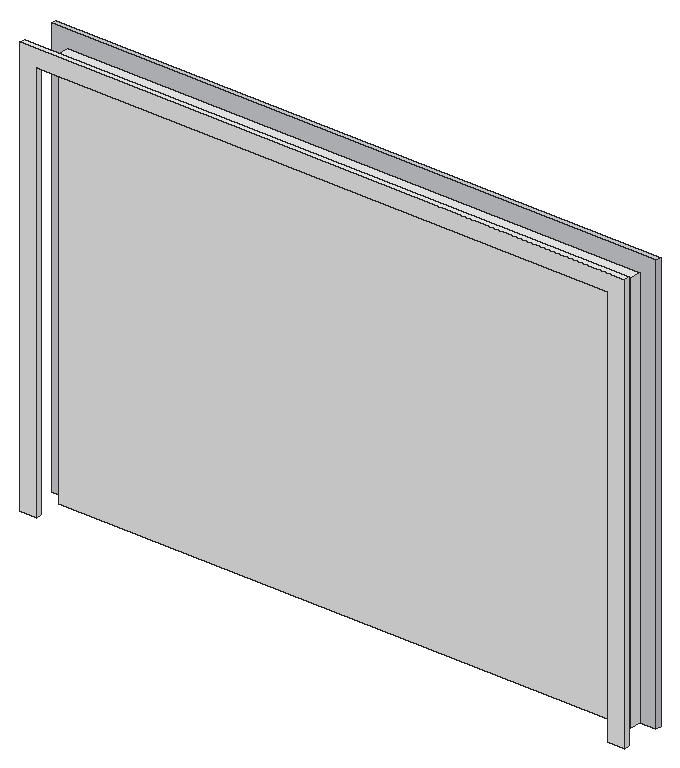
Revit family
Parameters (values of type "2550 x 1800 mm")
  프레임 투영 외부 = 25 mm
  프레임 투영 내부 = 25 mm
  프레임 폭 = 75 mm
  Function = (empty or 0)
  Assembly Code = ""
  Height = 1800 mm
  Wall Closure = (empty or 0)
  Width = 2550 mm
Reference planes
  plane 1: y = -50
  plane 2 "중심(왼쪽/오른쪽)": x = 0
  plane 3 "좌측면": x = -1275
  plane 4 "오른쪽": x = 1275
  plane 5: z = 1800
  plane 6 "외부": y = 25
  plane 7 "내부": y = -125
Forms (mm)
  Extrusion 1, solid, material "구릴"
    sketch origin (-3050, -125, 0) x (1, 0, 0) y (0, 0, 1)
      loop
        line (1700, 0) -> (1775, 0) -> (1775, 1800) -> (4325, 1800) -> (4325, 0) -> (4400, 0) -> (4400, 1875) -> (1700, 1875) -> (1700, 0)
    from 0 to 25
  Extrusion 2, solid
    sketch origin (-3050, 25, 0) x (-1, 0, 0) y (0, 0, 1)
      loop
        line (-1775, 0) -> (-1700, 0) -> (-1700, 1875) -> (-4400, 1875) -> (-4400, 0) -> (-4325, 0) -> (-4325, 1800) -> (-1775, 1800) -> (-1775, 0)
    from 0 to 25
  Extrusion 3, solid, material "구릴"
    sketch origin (0, 25, 0) x (1, 0, 0) y (0, 0, 1)
      loop
        line (1275, 0) -> (1275, 1800) -> (-1275, 1800) -> (-1275, 0) -> (1275, 0)
    from 0 to 50
Lines and regions (mm)
  Opening 1
    outline origin (-3050, -125, 0) x (1, 0, 0) y (0, 0, 1)
      loop
        line (1775, 0) -> (4325, 0) -> (4325, 1800) -> (1775, 1800) -> (1775, 0)
  symbolic lines, style "입면도 스윙"
    curve 1: line (1275, -125, 0) -> (0, -125, 1800)
    curve 2: line (0, 25, 1800) -> (-1275, 25, 0)
  symbolic lines
    curve 3: line (-1275, 25, 0) -> (-675, 25, 0)
    curve 4: line (1275, 25, 0) -> (-1275, 25, 0)
Text (mm)
  text "외부" at (-2295.016, 1099.543, 0), in view "참조 레벨"
  text "외부" at (0, 1615.38, 3698.081), in view "좌측면"
  text "외부" at (0, 1036.032, 3874.932), in view "오른쪽"
Dimensions and locks
  equal spacing: plane 3 "좌측면", plane 2 "중심(왼쪽/오른쪽)", plane 4 "오른쪽"
  "Width": plane 3 "좌측면" to plane 4 "오른쪽"
  "Height": plane 5 to host wall
  equal spacing: host wall, curve 1, plane 5
  equal spacing: host wall, curve 2, plane 5
  "프레임 투영 외부": Extrusion 2 to Extrusion 2
  "프레임 투영 내부": Extrusion 1 to Extrusion 1
  "프레임 폭": plane 3 "좌측면" to Extrusion 1 sketch curve
  "프레임 폭": plane 4 "오른쪽" to Extrusion 1 sketch curve
  "프레임 폭": Extrusion 1 sketch curve to plane 5
  "프레임 폭": plane 4 "오른쪽" to Extrusion 2 sketch curve
  "프레임 폭": plane 3 "좌측면" to Extrusion 2 sketch curve
  "프레임 폭": plane 5 to Extrusion 2 sketch curve
  locked: plane 6 "외부" to host wall at 0
  locked: plane 7 "내부" to host wall
  Extrusion 2 to Extrusion 3 = 50 mm
  aligned and locked: plane 3 "좌측면" to Opening 1 sketch curve
  aligned and locked: plane 5 to Opening 1 sketch curve  (x2)
  aligned and locked: Opening 1 sketch curve to plane 4 "오른쪽"
  aligned and locked: Opening 1 sketch curve to level
  aligned and locked: level to Extrusion 1 sketch curve
  aligned and locked: plane 5 to Extrusion 1 sketch curve  (x2)
  aligned and locked: Extrusion 1 sketch curve to plane 4 "오른쪽"
  aligned and locked: plane 3 "좌측면" to Extrusion 1 sketch curve
  aligned and locked: plane 3 "좌측면" to Extrusion 2 sketch curve
  aligned and locked: plane 5 to Extrusion 2 sketch curve  (x2)
  aligned and locked: level to Extrusion 2 sketch curve
  aligned and locked: plane 1 to host wall
  aligned and locked: host wall to Extrusion 3
Automatic sketch dimensions
  Extrusion 2 sketch curve to plane 4 "오른쪽" = 0 mm
  Extrusion 1 sketch curve to level = 0 mm
  Extrusion 2 sketch curve to level = 0 mm
  Extrusion 3 sketch curve to level = 0 mm
  Extrusion 3 sketch curve to plane 3 "좌측면" = 0 mm
  Extrusion 3 sketch curve to plane 4 "오른쪽" = 0 mm
  Extrusion 3 sketch curve to plane 5 = 0 mm
  curve 4 to plane 3 "좌측면" = 0 mm
  curve 3 to plane 3 "좌측면" = 600 mm
  curve 1 to plane 2 "중심(왼쪽/오른쪽)" = 0 mm
  curve 1 to plane 5 = 0 mm
  curve 2 to plane 2 "중심(왼쪽/오른쪽)" = 0 mm
  curve 2 to plane 5 = 0 mm
  curve 2 to level = 0 mm
  curve 1 to level = 0 mm
  curve 2 to plane 3 "좌측면" = 0 mm
  curve 1 to plane 4 "오른쪽" = 0 mm
  curve 4 to host wall = 0 mm
  curve 4 to plane 4 "오른쪽" = 0 mm
